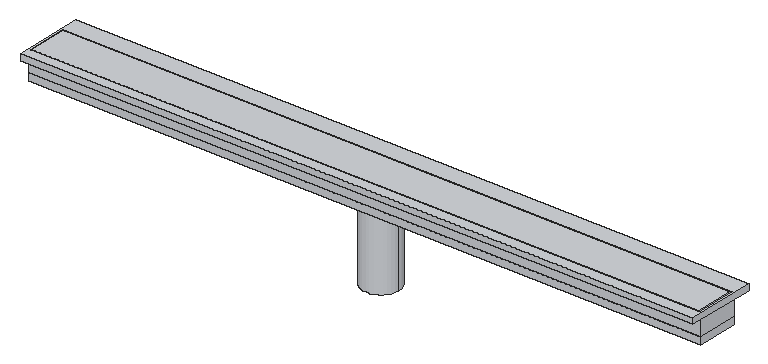
Revit family "RS775Balkonrinne", category Sanitärinstallationen, Revit 2020
Family settings
  Bemaßung runder Anschluss = Durchmesser verwenden
  Teiletyp = Normal
  Arbeitsebenenbasiert = Nein
  Immer vertikal = Ja
  Beim Laden mit Abzugskörper schneiden = Nein
  Gemeinsam genutzt = Nein
  Raumberechnungspunkt = Nein
Parameters
  Übergangsbride [instance] = no
  Vorgabe-Ansicht = 0 mm
  Verbindungsbügel [instance] = L Links + L Rechts  # 1000 mm
  URL = "https://www.resitec.ch/"
  Tragstab 30mm [instance] = yes
  Tragstab 25mm [instance] = no
  Tragstab 20mm [instance] = no
  Rinnen Breite rechts [instance] = 500 mm
  Rinnen Breite links [instance] = 500 mm
  Rinnen Breite innen [instance] = 60 mm
  RS_s002 = 1.8 mm  # constant formula
  RS_s001 = 3 mm  # constant formula
  RS_rechtsKR [instance] = L Rechts + RS_KR  # 495 mm
  RS_linksKR [instance] = L Links + RS_KR  # 495 mm
  RS_hts [instance] = if(Tragstab 20mm, 1 mm, if(Tragstab 25mm, 2 mm, if(Tragstab 30mm, 3 mm, 3 mm)))  # 3 mm
  RS_gefun [instance] = 60 mm
  RS_gefob [instance] = 40 mm
  RS_dimmin95 [instance] = 100 mm
  RS_dimk001 = 115 mm  # constant formula
  RS_dim001 = 9 mm  # constant formula
  RS_dim002 [instance] = if(RS_hts = 1 mm, 20 mm + 2 mm, if(RS_hts = 2 mm, 25 mm + 2 mm, if(RS_hts = 3 mm, 30 mm + 2 mm, 32 mm)))  # 32 mm
  RS_dim003 = 43 mm  # constant formula
  RS_dia002 = 110 mm
  RS_dia001 = 54 mm  # constant formula
  RS_breite Rand [instance] = 15 mm  # constant formula
  RS_RohrL [instance] = if(Länge Rohr < RS_gefun, ((RS_gefun + 10 mm) - RS_gefob), Länge Rohr)  # 150 mm
  RS_KRvorne [instance] = (Breite Aussen ref / 2) + RS_KR  # 40 mm
  RS_KRon [instance] = no
  RS_KRhinten [instance] = (Breite Aussen ref / 2) + RS_KR + 10 mm  # 50 mm
  RS_KR [instance] = -5 mm  # constant formula
  RS_DVol-T = 300 mm
  RS_DVol-L = 300 mm
  RS_DN2 = 0 mm
  RS_DN1d = 65 mm
  RS_DN1 = 40 mm
  RS_URL = "https://resitec.ch/entwaesserungstechnik/entwaesserungsrinnen/rinnen/"
  RS_Rost_Typ [instance] = ""
  RS_Manufacture = "Resitec"  # constant formula
  RS_Description [instance] = "zusammenschraubbar"
  RS_Articelnumber [instance] = "Entwässerungsrinne"
  Länge Rohr [instance] = 150 mm
  L Rechts Innen ref [instance] = L Rechts - RS_s001  # 497 mm
  L Rechts [instance] = Rinnen Breite rechts  # 500 mm
  L Links innen ref [instance] = L Links - RS_s001  # 497 mm
  L Links [instance] = Rinnen Breite links  # 500 mm
  Hersteller = RS_Manufacture  # "Resitec"
  Breite Innen ref [instance] = Rinnen Breite innen  # 60 mm
  Breite Aussen ref [instance] = Rinnen Breite innen + (2 * RS_breite Rand)  # 90 mm
  Description = ""
  Baugruppenkennzeichen = "D2030300"
  Anschlusswert DU L/s = 0
  Anschluss Rechts [instance] = no
  Anschluss Links [instance] = no
Reference planes
  plane 1 "Mitte (Vorne/hinten)": y = 0
  plane 2: z = 0
  plane 3 "Mitte (Links/rechts)": x = 0
  plane 4: x = -500
  plane 5: x = 500
  plane 6: y = 30
  plane 7: y = -30
  plane 8: y = 45
  plane 9: y = -45
  plane 10: x = -497
  plane 11: x = 497
  plane 12 "ebeneKBlech": z = -9
  plane 13 "lvdim002": z = -32
  plane 14: y = 57.5
  plane 15: y = -57.5
  plane 16: y = 50
  plane 17: x = 495
  plane 18: y = -40
  plane 19: x = -495
  plane 20: z = -150
  plane 21: x = -496
  plane 22: y = -29
  plane 23: x = 496
  plane 24: y = 29
  plane 25: z = -43
Forms (mm)
  Extrusion 1, solid
    sketch origin (0, 0, 0) x (1, 0, 0) y (0, 1, 0)
      loop
        line (-500, 57.5) -> (-500, -45) -> (500, -45) -> (500, 57.5) -> (-500, 57.5)
      loop
        line (497, 30) -> (-497, 30) -> (-497, -30) -> (497, -30) -> (497, 30)
    from 0 to -9
  Extrusion 2, solid
    sketch origin (0, 0, -40) x (-1, 0, 0) y (0, -1, 0)
      loop
        circle (0, 0) r 27
    from 8 to -110
  Extrusion 3, solid
    sketch origin (0, 0, -9) x (-1, 0, 0) y (0, -1, 0)
      loop
        line (500, -30) -> (500, 30) -> (-500, 30) -> (-500, -30) -> (500, -30)
    from 0 to -23
  Extrusion 4, solid
    sketch origin (0, 0, -9) x (-1, 0, 0) y (0, -1, 0)
      loop
        line (496, -29) -> (496, 29) -> (-496, 29) -> (-496, -29) -> (496, -29)
    from 0 to 9
  Extrusion 5, solid
    sketch origin (0, 0, 0) x (1, 0, 0) y (0, 1, 0)
      loop
        line (-500, 30) -> (-500, -30) -> (500, -30) -> (500, 30) -> (-500, 30)
    from -32 to -43
Dimensions and locks
  equal spacing: plane 7, plane 1 "Mitte (Vorne/hinten)", plane 6
  "L Links": plane 4 to plane 3 "Mitte (Links/rechts)"
  "L Rechts": plane 3 "Mitte (Links/rechts)" to plane 5
  "Breite Innen ref": plane 6 to plane 7
  equal spacing: plane 9, plane 1 "Mitte (Vorne/hinten)", plane 8
  "Breite Aussen ref": plane 8 to plane 9
  "L Links innen ref": plane 10 to plane 3 "Mitte (Links/rechts)"
  "L Rechts Innen ref": plane 3 "Mitte (Links/rechts)" to plane 11
  "RS_dim001": level to plane 12 "ebeneKBlech"
  "RS_dim002": level to plane 13 "lvdim002"
  equal spacing: plane 15, plane 1 "Mitte (Vorne/hinten)", plane 14
  "RS_dimk001": plane 14 to plane 15
  "RS_linksKR": plane 19 to plane 3 "Mitte (Links/rechts)"
  "RS_rechtsKR": plane 3 "Mitte (Links/rechts)" to plane 17
  "RS_KRhinten": plane 1 "Mitte (Vorne/hinten)" to plane 16
  "RS_KRvorne": plane 18 to plane 1 "Mitte (Vorne/hinten)"
  locked: plane 24 to plane 6 at 1
  locked: plane 10 to plane 21 at 1
  locked: plane 23 to plane 11 at 1
  locked: plane 22 to plane 7 at 1
  "RS_dim003": level to plane 25
  "Länge Rohr": level to plane 20
  "RS_dia001": diameter of Extrusion 2 sketch curve
  aligned and locked: level to plane 2
  aligned and locked: plane 6 to Extrusion 1 sketch curve
  aligned and locked: plane 11 to Extrusion 1 sketch curve
  aligned and locked: Extrusion 1 sketch curve to plane 7
  aligned and locked: Extrusion 1 sketch curve to plane 10
  aligned and locked: Extrusion 1 sketch curve to plane 5
  aligned and locked: plane 9 to Extrusion 1 sketch curve
  aligned and locked: plane 4 to Extrusion 1 sketch curve
  aligned and locked: Extrusion 2 to plane 20
  aligned and locked: Extrusion 4 sketch curve to plane 21
  aligned and locked: plane 23 to Extrusion 4 sketch curve
  aligned and locked: level to Extrusion 4
  aligned and locked: Extrusion 4 to plane 12 "ebeneKBlech"
  aligned and locked: Extrusion 1 to plane 12 "ebeneKBlech"
  aligned and locked: plane 13 "lvdim002" to Extrusion 2
  aligned and locked: Extrusion 5 to plane 25
  aligned and locked: plane 13 "lvdim002" to Extrusion 5
  aligned and locked: plane 5 to Extrusion 5
  aligned and locked: Extrusion 3 to plane 4
  aligned and locked: Extrusion 5 to plane 4
  aligned and locked: Extrusion 3 to plane 13 "lvdim002"
  aligned and locked: plane 5 to Extrusion 3
  aligned and locked: Extrusion 5 to plane 7
  aligned and locked: plane 6 to Extrusion 5
  aligned and locked: Extrusion 1 sketch curve to plane 14
  aligned and locked: plane 14 to Extrusion 1
Automatic sketch dimensions
  plane 24 to Extrusion 4 sketch curve = 0 mm
  Extrusion 4 sketch curve to plane 22 = 0 mm
  Extrusion 5 sketch curve to plane 10 = 3 mm
  plane 11 to Extrusion 5 sketch curve = 3 mm
  plane 15 to Extrusion 5 sketch curve = 27.5 mm
  Extrusion 5 sketch curve to plane 14 = 27.5 mm
  plane 11 to Extrusion 3 sketch curve = 3 mm
  Extrusion 3 sketch curve to plane 10 = 3 mm
  plane 1 "Mitte (Vorne/hinten)" to Extrusion 2 sketch curve = 0 mm
  Extrusion 2 sketch curve to plane 3 "Mitte (Links/rechts)" = 0 mm
  Extrusion 3 sketch curve to plane 6 = 0 mm
  Extrusion 3 sketch curve to plane 7 = 0 mm
